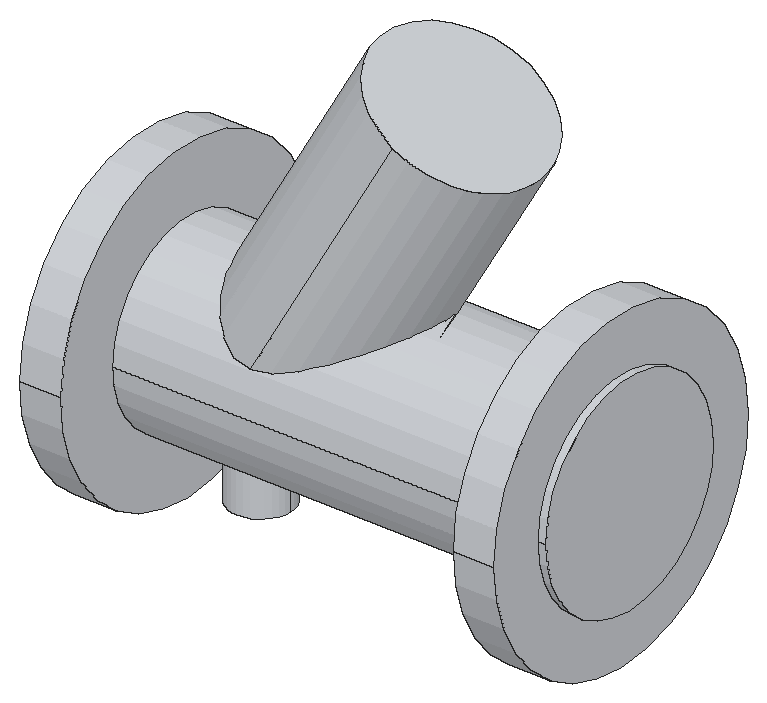
Revit family "HS 821-síto_standard-PN25-DN080-RFA_2018", category Pipe Accessories, Revit 2018
Family settings
  Round Connector Dimension = Use Diameter
  Part Type = Breaks Into
  Work Plane-Based = No
  Always vertical = Yes
  Cut with Voids When Loaded = No
  Shared = No
Parameters (values of type "821D-DN080-PN25-síto_standard")
  magiProductId = "e21040fa3cc2404b858198f6b73709"
  magiProductFamilyId = "79214ac3aaa945e397802f559f5c1e"
  magiPartTypeId = 307
  isMeasuringValve [instance] = no
  ang2D [instance] = 0.00°
  ZB__ve = -ZB  # -32 mm
  ZB1 = 53.46 mm
  ZB = 32 mm
  X2 = 104.753 mm
  X1 = 43.4 mm
  W2D = 15 mm
  VersionID = "2.0/2017.9.26.1/ZETKAMA_821_001"
  Use Minimum Symbol Size [instance] = yes
  URL = "www.hydronic.cz"
  Type Comments = "Filtr přírubový; síto standardní; A-PN16 (-10~300°C); D-PN25 (-10~350°C); F-PN40 (-10~400°C)"
  S = 132 mm
  QmdConnectorList = "301;D;302;D"
  Productdata [instance] = ""
  Manufacturer = "Hydronic Systems Prague s.r.o."
  MC Product Code = "200 280 (821D; DN080; PN25; kvs147,4; oko síta 1,25mm)"
  LM1 = 24.8 mm
  LM = 248 mm
  L4 = 77.5 mm
  L2D_Min = 3048 mm
  L2D = 130 mm
  L2 = 155 mm
  HH2 = 181.438 mm
  FD = 200 mm
  Description = "Filtr přírubový; síto standardní; 821A-PN16; 821D-PN25; 821F-PN40"
  DM1 = 107.4 mm
  DM = 118.8 mm
  D = 80 mm
  CC = 5.27 mm
  CAT0 = yes
  C1 = 25.73 mm
  C = 31 mm
  BD = 37.422 mm
Types (40, lengths in mm): name | magiProductId | ZB__ve | ZB1 | ZB | X2 | X1 | S | MC Product Code | LM1 | LM | L4 | L2 | HH2 | FD | DM1 | DM | D | CC | C1 | C | BD
  821A-DN015-PN16-síto_standard | "a71bcfe8b393460598b23e8ddf7dc5" | -16.25 | 18.63 | 16.25 | 46.982 | 18.2 | 46 | "200 115 (821A; DN015; PN16; kvs6,3; oko síta 1,00mm)" | 10.4 | 104 | 32.5 | 65 | 81.375 | 95 | 27.6 | 41.4 | 15 | 2.21 | 10.79 | 13 | 13.041
  821A-DN020-PN16-síto_standard | "41cd6c7a12924f4991217528336076" | -17.75 | 22.68 | 17.75 | 51.673 | 21 | 56 | "200 120 (821A; DN020; PN16; kvs11,2; oko síta 1,00mm)" | 12 | 120 | 37.5 | 75 | 89.5 | 105 | 33.6 | 50.4 | 20 | 2.55 | 12.45 | 15 | 15.876
  821A-DN025-PN16-síto_standard | "be378b463ed14c3abf4c9b3ae8cf3a" | -19.25 | 26.325 | 19.25 | 58.601 | 22.4 | 65 | "200 125 (821A; DN025; PN16; kvs14,7; oko síta 1,00mm)" | 12.8 | 128 | 40 | 80 | 101.5 | 115 | 43.2 | 58.5 | 25 | 2.72 | 13.28 | 16 | 18.427
  821A-DN032-PN16-síto_standard | "227a0d18b21540afabe8b6067d35fa" | -23 | 30.78 | 23 | 68.849 | 25.2 | 76 | "200 132 (821A; DN032; PN16; kvs23,7; oko síta 1,00mm)" | 14.4 | 144 | 45 | 90 | 119.25 | 140 | 50.4 | 68.4 | 32 | 3.06 | 14.94 | 18 | 21.546
  821A-DN040-PN16-síto_standard | "d106917c74724141a10440112d0102" | -24.5 | 34.02 | 24.5 | 75.777 | 28 | 84 | "200 140 (821A; DN040; PN16; kvs37,7; oko síta 1,00mm)" | 16 | 160 | 50 | 100 | 131.25 | 150 | 60 | 75.6 | 40 | 3.4 | 16.6 | 20 | 23.814
  821A-DN050-PN16-síto_standard | "8255d456a09e4f6486734f5dd9171b" | -26.75 | 40.095 | 26.75 | 79.061 | 32.2 | 99 | "200 150 (821A; DN050 PN16; kvs57,9; oko síta 1,00mm)" | 18.4 | 184 | 57.5 | 115 | 136.938 | 165 | 73.8 | 89.1 | 50 | 3.91 | 19.09 | 23 | 28.066
  821A-DN065-PN16-síto_standard | "235b1b3e4c0843779a4d5e3716d40a" | -29.75 | 47.79 | 29.75 | 86.927 | 40.6 | 118 | "200 165 (821A; DN065; PN16; kvs101,5; oko síta 1,25mm)" | 23.2 | 232 | 72.5 | 145 | 150.562 | 185 | 94.2 | 106.2 | 65 | 4.93 | 24.07 | 29 | 33.453
  821A-DN080-PN16-síto_standard | "a067f7c5236348ed8c820d16df7214" | -32 | 53.46 | 32 | 104.753 | 43.4 | 132 | "200 180 (821A; DN080; PN16; kvs147,4; oko síta 1,25mm)" | 24.8 | 248 | 77.5 | 155 | 181.438 | 200 | 107.4 | 118.8 | 80 | 5.27 | 25.73 | 31 | 37.422
  821A-DN100-PN16-síto_standard | "c49a648c2747461285837d643703cd" | -35 | 63.18 | 35 | 114.857 | 49 | 156 | "200 190 (821A; DN100; PN16; kvs209,6; oko síta 1,60mm)" | 28 | 280 | 87.5 | 175 | 198.937 | 220 | 131.4 | 140.4 | 100 | 5.95 | 29.05 | 35 | 44.226
  821A-DN125-PN16-síto_standard | "bf68e728a163493cbd2a663b26ebdc" | -39.5 | 74.52 | 39.5 | 131.888 | 56 | 184 | "200 191 (821A; DN125; PN16; kvs326,2; oko síta 1,60mm)" | 32 | 320 | 100 | 200 | 228.438 | 250 | 165 | 165.6 | 125 | 6.8 | 33.2 | 40 | 52.164
  821A-DN150-PN16-síto_standard | "2de770284b654863ae6bc865769dc5" | -44.75 | 85.455 | 44.75 | 155.885 | 67.2 | 211 | "200 192 (821A; DN150; PN16; kvs403; oko síta 1,60mm)" | 38.4 | 384 | 120 | 240 | 270 | 285 | 192 | 189.9 | 150 | 8.16 | 39.84 | 48 | 59.818
  821A-DN200-PN16-síto_standard | "8e5693371ab64aabb29a7f08c76e15" | -53 | 107.73 | 53 | 188.361 | 84 | 266 | "200 193 (821A; DN200; PN16; kvs707; oko síta 1,60mm)" | 48 | 480 | 150 | 300 | 326.25 | 340 | 252 | 239.4 | 200 | 10.2 | 49.8 | 60 | 75.411
  821A-DN250-PN16-síto_standard | "05e37ed948c34047acdd4c42556504" | -62.75 | 129.195 | 62.75 | 255.911 | 102.2 | 319 | "200 194 (821A; DN250; PN16; kvs1234; oko síta 1,60mm)" | 58.4 | 584 | 182.5 | 365 | 443.25 | 405 | 309.6 | 287.1 | 250 | 12.41 | 60.59 | 73 | 90.436
  821A-DN300-PN16-síto_standard | "9ad0af747269428da925480d83ce80" | -71 | 149.85 | 71 | 325.914 | 119 | 370 | "200 195 (821A; DN300; PN16; kvs1916; oko síta 1,60mm)" | 68 | 680 | 212.5 | 425 | 564.5 | 460 | 369.6 | 333 | 300 | 14.45 | 70.55 | 85 | 104.895
  821A-DN350-PN16-síto_standard | "eebc71459bb3451bb4355e7951370a" | -80 | 173.745 | 80 | 356.875 | 137.2 | 429 | "200 196 (821A; DN350; PN16; kvs2621; oko síta 1,60mm)" | 78.4 | 784 | 245 | 490 | 618.125 | 520 | 438 | 386.1 | 350 | 16.66 | 81.34 | 98 | 121.621
  821A-DN400-PN16-síto_standard | "d2f677cb196647e385b2590e7d8abe" | -89 | 194.4 | 89 | 392.237 | 154 | 480 | "200 197 (821A; DN400; PN16; kvs3460; oko síta 1,60mm)" | 88 | 880 | 275 | 550 | 679.375 | 580 | 498 | 432 | 400 | 18.7 | 91.3 | 110 | 136.08
  821D-DN015-PN25-síto_standard | "27ddcbf555414f8ca1fde329bf9087" | -16.25 | 18.63 | 16.25 | 46.982 | 18.2 | 46 | "200 215 (821D; DN015; PN25; kvs6,3; oko síta 1,00mm)" | 10.4 | 104 | 32.5 | 65 | 81.375 | 95 | 27.6 | 41.4 | 15 | 2.21 | 10.79 | 13 | 13.041
  821D-DN020-PN25-síto_standard | "270e0f14012f47189cd0235c18faee" | -17.75 | 22.68 | 17.75 | 51.673 | 21 | 56 | "200 220 (821D; DN020; PN25; kvs11,2; oko síta 1,00mm)" | 12 | 120 | 37.5 | 75 | 89.5 | 105 | 33.6 | 50.4 | 20 | 2.55 | 12.45 | 15 | 15.876
  821D-DN025-PN25-síto_standard | "b9a7fb4aa36643878c637d8e1ab992" | -19.25 | 26.325 | 19.25 | 58.601 | 22.4 | 65 | "200 225 (821D; DN025; PN25; kvs14,7; oko síta 1,00mm)" | 12.8 | 128 | 40 | 80 | 101.5 | 115 | 43.2 | 58.5 | 25 | 2.72 | 13.28 | 16 | 18.427
  821D-DN032-PN25-síto_standard | "6be9a55c4e68400f94eec7e804204c" | -23 | 30.78 | 23 | 68.849 | 25.2 | 76 | "200 232 (821D; DN032; PN25; kvs23,7; oko síta 1,00mm)" | 14.4 | 144 | 45 | 90 | 119.25 | 140 | 50.4 | 68.4 | 32 | 3.06 | 14.94 | 18 | 21.546
  821D-DN040-PN25-síto_standard | "c54511bd7f584ec2984291479612cb" | -24.5 | 34.02 | 24.5 | 75.777 | 28 | 84 | "200 240 (821D; DN040; PN25; kvs37,7; oko síta 1,00mm)" | 16 | 160 | 50 | 100 | 131.25 | 150 | 60 | 75.6 | 40 | 3.4 | 16.6 | 20 | 23.814
  821D-DN050-PN25-síto_standard | "5483b1f596b04cd39b23a14a22c90e" | -26.75 | 40.095 | 26.75 | 79.061 | 32.2 | 99 | "200 250 (821D; DN050; PN25; kvs57,9; oko síta 1,00mm)" | 18.4 | 184 | 57.5 | 115 | 136.938 | 165 | 73.8 | 89.1 | 50 | 3.91 | 19.09 | 23 | 28.066
  821D-DN065-PN25-síto_standard | "767b0f8318e94750bc7a9930ed5b30" | -29.75 | 47.79 | 29.75 | 86.927 | 40.6 | 118 | "200 265 (821D; DN065; PN25; kvs101,5; oko síta 1,25mm)" | 23.2 | 232 | 72.5 | 145 | 150.562 | 185 | 94.2 | 106.2 | 65 | 4.93 | 24.07 | 29 | 33.453
  821D-DN080-PN25-síto_standard | "e21040fa3cc2404b858198f6b73709" | -32 | 53.46 | 32 | 104.753 | 43.4 | 132 | "200 280 (821D; DN080; PN25; kvs147,4; oko síta 1,25mm)" | 24.8 | 248 | 77.5 | 155 | 181.438 | 200 | 107.4 | 118.8 | 80 | 5.27 | 25.73 | 31 | 37.422
  821D-DN100-PN25-síto_standard | "175ca87a506b40b3bc6b82f12f33cf" | -37.25 | 63.18 | 37.25 | 114.857 | 49 | 156 | "200 290 (821D; DN100; PN25; kvs209,6; oko síta 1,60mm)" | 28 | 280 | 87.5 | 175 | 198.937 | 235 | 131.4 | 140.4 | 100 | 5.95 | 29.05 | 35 | 44.226
  821D-DN125-PN25-síto_standard | "77cc98d60da24855999a22dff726b2" | -42.5 | 74.52 | 42.5 | 131.888 | 56 | 184 | "200 291 (821D; DN125; PN25; kvs326,2; oko síta 1,60mm)" | 32 | 320 | 100 | 200 | 228.438 | 270 | 165 | 165.6 | 125 | 6.8 | 33.2 | 40 | 52.164
  821D-DN150-PN25-síto_standard | "9cf8acfcd15547d68e83172d3abcbe" | -47 | 85.455 | 47 | 155.885 | 67.2 | 211 | "200 292 (821D; DN150; PN25; kvs403; oko síta 1,60mm)" | 38.4 | 384 | 120 | 240 | 270 | 300 | 192 | 189.9 | 150 | 8.16 | 39.84 | 48 | 59.818
  821D-DN200-PN25-síto_standard | "16973f3c9ea14389ba8602495a6b64" | -56 | 110.97 | 56 | 188.361 | 84 | 274 | "200 293 (821D; DN200; PN25; kvs707; oko síta 1,60mm)" | 48 | 480 | 150 | 300 | 326.25 | 360 | 252 | 246.6 | 200 | 10.2 | 49.8 | 60 | 77.679
  821F-DN015-PN40-síto_standard | "4c7eaf3c4c0340888b3e684d8a8616" | -16.25 | 18.225 | 16.25 | 46.982 | 18.2 | 45 | "240 615 (821F; DN015; PN40; kvs6,3; oko síta 1,00mm)" | 10.4 | 104 | 32.5 | 65 | 81.375 | 95 | 27.6 | 40.5 | 15 | 2.21 | 10.79 | 13 | 12.757
  821F-DN020-PN40-síto_standard | "aaac5f1ec96b44d6ba96ac2293d66d" | -17.75 | 23.49 | 17.75 | 51.673 | 21 | 58 | "240 620 (821F; DN020; PN40; kvs11,2; oko síta 1,00mm)" | 12 | 120 | 37.5 | 75 | 89.5 | 105 | 33.6 | 52.2 | 20 | 2.55 | 12.45 | 15 | 16.443
  821F-DN025-PN40-síto_standard | "504768023968471481789485b54c7e" | -19.25 | 27.54 | 19.25 | 58.601 | 22.4 | 68 | "240 625 (821F; DN025; PN40; kvs14,7; oko síta 1,00mm)" | 12.8 | 128 | 40 | 80 | 101.5 | 115 | 43.2 | 61.2 | 25 | 2.72 | 13.28 | 16 | 19.278
  821F-DN032-PN40-síto_standard | "165e7f39cf744f329bdf1c400dad12" | -23 | 31.59 | 23 | 68.849 | 25.2 | 78 | "240 632 (821F; DN032; PN40; kvs23,7; oko síta 1,00mm)" | 14.4 | 144 | 45 | 90 | 119.25 | 140 | 50.4 | 70.2 | 32 | 3.06 | 14.94 | 18 | 22.113
  821F-DN040-PN40-síto_standard | "b8903f952089408fbf3a5a632bab1f" | -24.5 | 35.64 | 24.5 | 75.777 | 28 | 88 | "240 640 (821F; DN040; PN40; kvs37,7; oko síta 1,00mm)" | 16 | 160 | 50 | 100 | 131.25 | 150 | 60 | 79.2 | 40 | 3.4 | 16.6 | 20 | 24.948
  821F-DN050-PN40-síto_standard | "c451f97266fe48da8f879cb6a2bd44" | -26.75 | 41.31 | 26.75 | 79.061 | 32.2 | 102 | "240 650 (821F; DN050; PN40; kvs57,9; oko síta 1,00mm)" | 18.4 | 184 | 57.5 | 115 | 136.938 | 165 | 73.8 | 91.8 | 50 | 3.91 | 19.09 | 23 | 28.917
  821F-DN065-PN40-síto_standard | "dc9821e3f9b34e128f6a8c6b34c198" | -29.75 | 49.41 | 29.75 | 86.927 | 40.6 | 122 | "240 665 (821F; DN065; PN40; kvs101,5; oko síta 1,25mm)" | 23.2 | 232 | 72.5 | 145 | 150.562 | 185 | 94.2 | 109.8 | 65 | 4.93 | 24.07 | 29 | 34.587
  821F-DN080-PN40-síto_standard | "689aa1e260f84cf4994f027a1d86b5" | -32 | 55.89 | 32 | 104.753 | 43.4 | 138 | "240 680 (821F; DN080; PN40; kvs147,4; oko síta 1,25mm)" | 24.8 | 248 | 77.5 | 155 | 181.438 | 200 | 107.4 | 124.2 | 80 | 5.27 | 25.73 | 31 | 39.123
  821F-DN100-PN40-síto_standard | "8a45d4e8e2ab425f8c432f21d684f3" | -37.25 | 65.61 | 37.25 | 114.857 | 49 | 162 | "240 690 (821F; DN100; PN40; kvs209,6; oko síta 1,6mm)" | 28 | 280 | 87.5 | 175 | 198.937 | 235 | 131.4 | 145.8 | 100 | 5.95 | 29.05 | 35 | 45.927
  821F-DN125-PN40-síto_standard | "cf073904c006406b8645afa67ea2fc" | -42.5 | 76.14 | 42.5 | 131.888 | 56 | 188 | "240 691 (821F; DN125; PN40; kvs326,2; oko síta 1,6mm)" | 32 | 320 | 100 | 200 | 228.438 | 270 | 165 | 169.2 | 125 | 6.8 | 33.2 | 40 | 53.298
  821F-DN150-PN40-síto_standard | "0153b9ddabe14992a630484929fdbc" | -47 | 88.29 | 47 | 155.885 | 67.2 | 218 | "240 692 (821F; DN150; PN40; kvs403; oko síta 1,6mm)" | 38.4 | 384 | 120 | 240 | 270 | 300 | 192 | 196.2 | 150 | 8.16 | 39.84 | 48 | 61.803
  821F-DN200-PN40-síto_standard | "7fb3fc01dd8d42428c203e3f8dd4d5" | -56 | 115.425 | 56 | 188.361 | 84 | 285 | "240 693 (821F; DN200; PN40; kvs707; oko síta 1,6mm)" | 48 | 480 | 150 | 300 | 326.25 | 360 | 252 | 256.5 | 200 | 10.2 | 49.8 | 60 | 80.797
Reference planes
  plane 1 "Center (Front/Back)": y = 0
  plane 2 "XYPLANE": z = 0
  plane 3 "Center (Left/Right)": x = 0
  plane 4 "109": x = -99.2
  plane 5 "108": x = 124
  plane 6 "107": x = -124
  plane 7 "105": x = 155
  plane 8 "104": x = -155
  plane 9 "103": y = 0
  plane 10 "102": z = 0
  plane 11 "101": x = -149.73
  plane 12 "100": x = 149.73
  plane 13 "11": x = -55.8
  plane 14 "10": z = 181.438
  plane 15 "9": x = 48.953
  plane 16 "5": z = -53.46
  plane 17 "4": x = -77.5
  plane 18 "1": x = 77.5
Forms (mm)
  Extrusion 1, solid, visible <- "CAT0"
    sketch origin (-124, -750, 0) x (0, 1, 0) y (0, 0, 1)
      loop
        circle (750, 0) r 59.4
    from 0 to 248 <- "LM"
  Extrusion 2, solid
    sketch origin (-155, -750, 0) x (0, 1, 0) y (0, 0, 1)
      loop
        circle (750, 0) r 66
    from 0 to 5.27 <- "CC"
  Extrusion 3, solid
    sketch origin (-149.73, -750, 0) x (0, 1, 0) y (0, 0, 1)
      loop
        circle (750, 0) r 100
    from 0 to 25.73 <- "C1"
  Extrusion 4, solid
    sketch origin (124, -750, 0) x (0, 1, 0) y (0, 0, 1)
      loop
        circle (750, 0) r 100
    from 0 to 25.73 <- "C1"
  Extrusion 5, solid
    sketch origin (149.73, -750, 0) x (0, 1, 0) y (0, 0, 1)
      loop
        circle (750, 0) r 66
    from 0 to 5.27 <- "CC"
  Sweep 6, solid, visible <- "CAT0"
    path origin (750, 0, 0) x (-1, 0, 0) y (0, 0, 1)
      loop
        line (874, 0) -> (805.8, 0) -> (701.047, 181.438)
    profile origin (-124, 0, 0) x (0, 0, -1) y (0, 1, 0)
      loop
        circle (0, 0) r 53.7
  Extrusion 7, solid, visible <- "CAT0"
    sketch origin (-750, 0, -53.46) x (1, 0, 0) y (0, 1, 0)
      loop
        circle (672.5, 0) r 18.711
    from 0 to -32 <- "ZB__ve"
  Extrusion 8, solid, visible <- "CAT0"
    sketch origin (-750, 0, -53.46) x (1, 0, 0) y (0, 1, 0)
      loop
        circle (827.5, 0) r 18.711
    from 0 to -32 <- "ZB__ve"
  Extrusion 9, solid, not visible
    sketch origin (155, -750, 0) x (0, 1, 0) y (0, 0, 1)
      loop
        circle (750, 0) r 10
    from 0 to -10
  Extrusion 10, solid, not visible
    sketch origin (-155, -750, 0) x (0, 1, 0) y (0, 0, 1)
      loop
        circle (750, 0) r 10
    from 0 to 10
Lines and regions (mm)
  reference lines, not visible
    curve 1: circle (2, 2, 0) r 1 normal (0, 0, 1)
Dimensions and locks
  plane 1 "Center (Front/Back)" to curve 1 = 2 mm
  "LM1": plane 6 "107" to plane 4 "109"
  "LM": plane 6 "107" to plane 5 "108"
  "C": plane 8 "104" to plane 6 "107"
  "L2": plane 3 "Center (Left/Right)" to plane 7 "105"
  "L2": plane 3 "Center (Left/Right)" to plane 8 "104"
  locked: plane 1 "Center (Front/Back)" to plane 9 "103"
  locked: plane 2 "XYPLANE" to plane 10 "102"
  "CC": plane 8 "104" to plane 11 "101"
  "C1": plane 5 "108" to plane 12 "100"
  "X1": plane 4 "109" to plane 13 "11"
  "HH2": plane 2 "XYPLANE" to plane 14 "10"
  "X2": plane 13 "11" to plane 15 "9"
  "ZB1": plane 2 "XYPLANE" to plane 16 "5"
  "L4": plane 8 "104" to plane 17 "4"
  "L2": plane 17 "4" to plane 18 "1"
  Sweep 6 sketch curve to Sweep 6 sketch curve = 0 mm  (x2)
  "DM": diameter of Extrusion 1 sketch curve
  "S": diameter of Extrusion 2 sketch curve
  "FD": diameter of Extrusion 3 sketch curve
  "FD": diameter of Extrusion 4 sketch curve
  "S": diameter of Extrusion 5 sketch curve
  "DM1": diameter of Sweep 6 sketch curve
  "BD": diameter of Extrusion 7 sketch curve
  "BD": diameter of Extrusion 8 sketch curve
  aligned and locked: level to plane 2 "XYPLANE"
  aligned and locked: Extrusion 1 sketch curve to plane 9 "103"
  aligned and locked: plane 10 "102" to Extrusion 1 sketch curve
  aligned and locked: Extrusion 2 sketch curve to plane 9 "103"
  aligned and locked: plane 10 "102" to Extrusion 2 sketch curve
  aligned and locked: Extrusion 3 sketch curve to plane 9 "103"
  aligned and locked: plane 10 "102" to Extrusion 3 sketch curve
  aligned and locked: Extrusion 4 sketch curve to plane 9 "103"
  aligned and locked: plane 10 "102" to Extrusion 4 sketch curve
  aligned and locked: Extrusion 5 sketch curve to plane 9 "103"
  aligned and locked: plane 10 "102" to Extrusion 5 sketch curve
  aligned and locked: Sweep 6 sketch curve to plane 9 "103"
  aligned and locked: plane 10 "102" to Sweep 6 sketch curve  (x3)
  aligned and locked: plane 6 "107" to Sweep 6 sketch curve
  aligned and locked: plane 13 "11" to Sweep 6 sketch curve
  aligned and locked: plane 14 "10" to Sweep 6 sketch curve
  aligned and locked: plane 15 "9" to Sweep 6 sketch curve
  aligned and locked: plane 9 "103" to Extrusion 7 sketch curve
  aligned and locked: plane 17 "4" to Extrusion 7 sketch curve
  aligned and locked: plane 9 "103" to Extrusion 8 sketch curve
  aligned and locked: plane 18 "1" to Extrusion 8 sketch curve
  aligned and locked: Extrusion 9 sketch curve to plane 9 "103"
  aligned and locked: plane 10 "102" to Extrusion 9 sketch curve
  aligned and locked: Extrusion 10 sketch curve to plane 9 "103"
  aligned and locked: plane 10 "102" to Extrusion 10 sketch curve
Automatic sketch dimensions
  plane 1 "Center (Front/Back)" to Extrusion 9 sketch curve = 10 mm
  plane 1 "Center (Front/Back)" to Extrusion 10 sketch curve = 10 mm
  plane 3 "Center (Left/Right)" to curve 1 = 2 mm
  radius of curve 1 = 1 mm
Connectors
  piping at (-155, 0, 0), diameter 80, driven by "D"
    settings: on Extrusion 10, index 1, connector inside diameter 609.6 mm, connector length 0 mm, flow factor 0, pipe flow 0.0 L/s, pressure drop 0.0 Pa, fitting loss kfactor 0, connector angle 0.00°, fixture units 0, engagement length 0 mm, angle of deflection 0.00°, flow configuration 0, flow direction 0, fitting loss method 0, system type 29, joint type 0, gender type 0, connector reference index 2, connector utility 0, adjustable connector no, is connector primary yes, connector description ""
  piping at (155, 0, 0), diameter 80, driven by "D"
    settings: on Extrusion 9, index 2, connector inside diameter 609.6 mm, connector length 0 mm, flow factor 0, pipe flow 0.0 L/s, pressure drop 0.0 Pa, fitting loss kfactor 0, connector angle 0.00°, fixture units 0, engagement length 0 mm, angle of deflection 0.00°, flow configuration 0, flow direction 0, fitting loss method 0, system type 29, joint type 0, gender type 0, connector reference index 1, connector utility 0, adjustable connector no, is connector primary no, connector description ""
